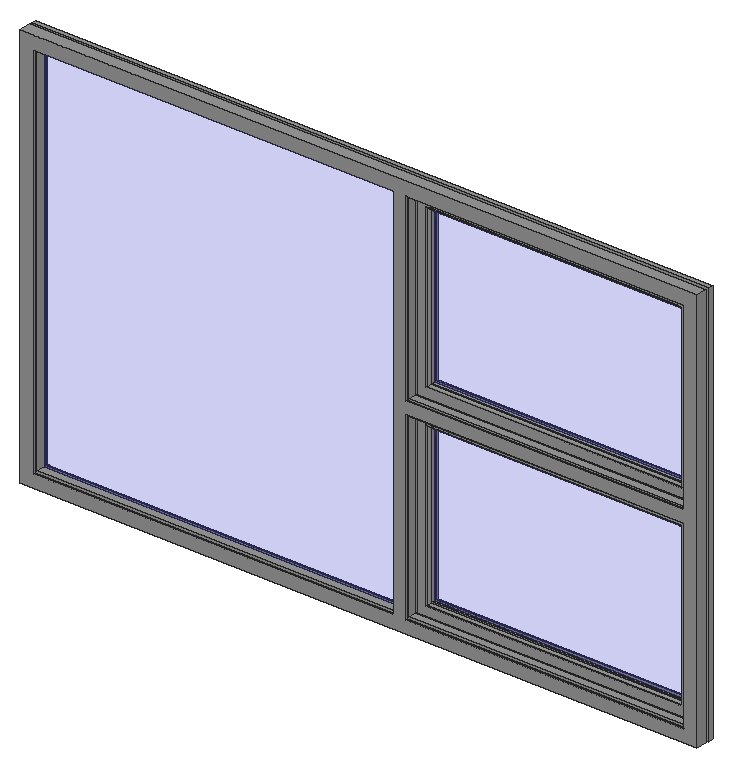
Revit family "MG20 LH", category Windows, host Wall, Revit 2015
Parameters (values of type "MG20 LH")
  Sash Width = 900 mm
  Sash Height = 622 mm
  Height = 1200 mm
  Default Lintel Height = 2100 mm
  Wall Closure = By host
  Width = 2000 mm
Reference planes
  plane 1 "Center (Front/Back)": y = 0
  plane 2 "Center (Left/Right)": x = 0
  plane 3 "Left": x = -1000
  plane 4 "Right": x = 1000
  plane 5 "Sill": z = 900
  plane 6 "Head": z = 2100
  plane 7 "Exterior": y = 100
  plane 8 "Interior": y = -100
  plane 9: y = -28.5
  plane 10: y = 23.5
  plane 11: z = 1478
  plane 12: x = 100
Forms (mm)
  Sweep 1, solid, material "Lauan, Meranti"
    path origin (0, 100, 0) x (1, 0, 0) y (0, 0, 1)
      loop
        line (1000, 2100) -> (-1000, 2100) -> (-1000, 900) -> (1000, 900) -> (1000, 2100)
    profile origin (0, 100, 2100) x (0, 0, -1) y (0, -1, 0)
      loop
        line (0, 71.5) -> (29, 71.5) -> (29, 96.5) -> (37.5, 96.5) -> (37.5, 102.5) -> (40.5, 102.5) -> (40.5, 96.5) -> (44, 96.5) -> (44, 122.5) -> (39, 122.5) -> (39, 128.5) -> (0, 128.5) -> (0, 94.5) -> (10, 94.5) -> (10, 86.5) -> (0, 86.5) -> (0, 71.5)
  Extrusion 2, solid, material "Lauan, Meranti"
    sketch origin (212.612, 0, 1139) x (0, -1, 0) y (0, 0, 1)
      loop
        line (28.5, 344) -> (28.5, 378) -> (22.5, 378) -> (22.5, 383) -> (-3.5, 383) -> (-3.5, 379.5) -> (2.5, 379.5) -> (2.5, 376.5) -> (-3.5, 376.5) -> (-3.5, 368) -> (-28.5, 368) -> (-28.5, 354) -> (-3.5, 354) -> (-3.5, 345.5) -> (2.5, 345.5) -> (2.5, 342.5) -> (-3.5, 342.5) -> (-3.5, 339) -> (22.5, 339) -> (22.5, 344) -> (28.5, 344)
    from -758.388 to 83.612
  Extrusion 3, solid, material "Lauan, Meranti"
    sketch origin (122, 0, -21.001) x (-1, 0, 0) y (0, -1, 0)
      loop
        line (22, 22.5) -> (17, 22.5) -> (17, 28.5) -> (-17, 28.5) -> (-17, 22.5) -> (-22, 22.5) -> (-22, -3.5) -> (-18.5, -3.5) -> (-18.5, 2.5) -> (-15.5, 2.5) -> (-15.5, -3.5) -> (-7, -3.5) -> (-7, -28.5) -> (7, -28.5) -> (7, -3.5) -> (15.5, -3.5) -> (15.5, 2.5) -> (18.5, 2.5) -> (18.5, -3.5) -> (22, -3.5) -> (22, 22.5)
    from 950.001 to 2092.001
  Sweep 4, solid, material "Rubber"
    path origin (10500, 23.5, 2100) x (0, 0, -1) y (-1, 0, 0)
      loop
        line (29, 10371) -> (29, 9529) -> (593, 9529) -> (593, 10371) -> (29, 10371)
    profile origin (550, 23.5, 2071) x (0, 0, -1) y (0, 1, 0)
      loop
        line (5, -17) -> (5, -20) -> (9, -20) -> (9, -22.43) -> (8, -22.43) -> (9, -22.698) -> (9, -24.464) -> (8, -24.464) -> (10, -25) -> (12, -24.464) -> (11, -24.464) -> (11, -22.698) -> (12, -22.43) -> (11, -22.43) -> (11, -20) -> (15, -20) -> (15, -17) -> (10, -15) -> (5, -17)
  Sweep 5, solid, material "Rubber"
    path origin (10500, 23.5, 1522) x (0, 0, -1) y (-1, 0, 0)
      loop
        line (29, 10371) -> (29, 9529) -> (593, 9529) -> (593, 10371) -> (29, 10371)
    profile origin (550, 23.5, 1493) x (0, 0, -1) y (0, 1, 0)
      loop
        line (5, -17) -> (5, -20) -> (9, -20) -> (9, -22.43) -> (8, -22.43) -> (9, -22.698) -> (9, -24.464) -> (8, -24.464) -> (10, -25) -> (12, -24.464) -> (11, -24.464) -> (11, -22.698) -> (12, -22.43) -> (11, -22.43) -> (11, -20) -> (15, -20) -> (15, -17) -> (10, -15) -> (5, -17)
  Sweep 6, solid, material "Lauan, Meranti"
    path origin (10500, 23.5, 2100) x (0, 0, -1) y (-1, 0, 0)
      loop
        line (29, 10371) -> (29, 9529) -> (593, 9529) -> (593, 10371) -> (29, 10371)
    profile origin (550, 23.5, 2071) x (0, 0, -1) y (0, 1, 0)
      loop
        line (-5, 5) -> (12, 5) -> (12, -2) -> (14, -2.536) -> (14, -7.464) -> (12, -8) -> (12, -13) -> (10, -13) -> (10, -17) -> (43, -17) -> (43, -14)
        arc (43, -14) -> (47.243, -12.243) -> (49, -8) r 6
        line (49, -8) -> (52, -8) -> (52, 0) -> (43, 0) -> (43, 25) -> (1, 25)
        arc (1, 25) -> (-3.242, 23.243) -> (-5, 19) r 6
        line (-5, 19) -> (-5, 5)
  Sweep 7, solid, material "Lauan, Meranti"
    path origin (10500, 23.5, 1522) x (0, 0, -1) y (-1, 0, 0)
      loop
        line (29, 10371) -> (29, 9529) -> (593, 9529) -> (593, 10371) -> (29, 10371)
    profile origin (550, 23.5, 1493) x (0, 0, -1) y (0, 1, 0)
      loop
        line (-5, 5) -> (12, 5) -> (12, -2) -> (14, -2.536) -> (14, -7.464) -> (12, -8) -> (12, -13) -> (10, -13) -> (10, -17) -> (43, -17) -> (43, -14)
        arc (43, -14) -> (47.243, -12.243) -> (49, -8) r 6
        line (49, -8) -> (52, -8) -> (52, 0) -> (43, 0) -> (43, 25) -> (1, 25)
        arc (1, 25) -> (-3.242, 23.243) -> (-5, 19) r 6
        line (-5, 19) -> (-5, 5)
  Extrusion 8, solid, material "Glass"
    sketch origin (10500, 23.5, 2100) x (0, 0, -1) y (-1, 0, 0)
      loop
        line (72, 10328) -> (72, 9572) -> (550, 9572) -> (550, 10328) -> (72, 10328)
      loop
        line (650.013, 10327.988) -> (650.013, 9572) -> (1128, 9572) -> (1128, 10327.988) -> (650.013, 10327.988)
    from 0 to 6.4
  Sweep 9, solid, material "Lauan, Meranti"
    path origin (10500, 23.5, 2100) x (0, 0, -1) y (-1, 0, 0)
      loop
        line (72, 10328) -> (72, 9572) -> (550, 9572) -> (550, 10328) -> (72, 10328)
    profile origin (550, 23.5, 2028) x (0, 0, -1) y (0, 1, 0)
      loop
        line (0, 14.4) -> (0, 6.4) -> (9, 6.4) -> (9, 8.4) -> (7, 8.4)
        arc (7, 8.4) -> (4.67, 12.766) -> (0, 14.4) r 6.807
  Sweep 10, solid, material "Lauan, Meranti"
    path origin (10500, 23.5, 1522) x (0, 0, -1) y (-1, 0, 0)
      loop
        line (72, 10328) -> (72, 9572) -> (550, 9572) -> (550, 10328) -> (72, 10328)
    profile origin (550, 23.5, 1450) x (0, 0, -1) y (0, 1, 0)
      loop
        line (0, 14.4) -> (0, 6.4) -> (9, 6.4) -> (9, 8.4) -> (7, 8.4)
        arc (7, 8.4) -> (4.67, 12.766) -> (0, 14.4) r 6.807
  Extrusion 11, solid, material "Glass"
    sketch origin (-10500, 3.5, 2100) x (0, 0, -1) y (-1, 0, 0)
      loop
        line (29, -10615) -> (1171, -10615) -> (1171, -9529) -> (29, -9529) -> (29, -10615)
    from 0 to 6.4
  Sweep 12, solid, material "Lauan, Meranti"
    path origin (-10500, 23.5, 2100) x (0, 0, -1) y (-1, 0, 0)
      loop
        line (29, -10615) -> (1171, -10615) -> (1171, -9529) -> (29, -9529) -> (29, -10615)
    profile origin (-428, 23.5, 2071) x (0, 0, 1) y (0, 1, 0)
      loop
        line (0, 1.4) -> (-3, 1.4)
        arc (-3, 1.4) -> (-10.071, -1.529) -> (-13, -8.6) r 10
        line (-13, -8.6) -> (-15, -8.6) -> (-15, -13.6) -> (0, -13.6) -> (0, 1.4)
Cuts and joins
  joined: Sweep 1, Extrusion 2, Extrusion 3
Lines and regions (mm)
  Opening 1
    outline origin (3500, -100, 0) x (1, 0, 0) y (0, 0, 1)
      loop
        line (-2500, 900) -> (-2500, 2100) -> (-4500, 2100) -> (-4500, 900) -> (-2500, 900)
  model lines
    curve 1: line (550, 48.5, 924) -> (123.92, 48.5, 1498.082)
    curve 2: line (976, 48.5, 1498) -> (550, 48.5, 924)
    curve 3: line (976, 48.5, 2076) -> (550, 48.5, 1502)
    curve 4: line (550, 48.5, 1502) -> (123.92, 48.5, 2076.082)
Text (mm)
  text "EXTERIOR" at (-1963.203, 1332.353, 0), in view "Ref. Level"
  text "INTERIOR" at (-1981.466, -818.386, 0), in view "Ref. Level"
  text "Exterior" at (0, 923.751, 2943.296), in view "Right"
  text "Exterior" at (0, 1040.484, 2685.409), in view "Left"
Dimensions and locks
  equal spacing: plane 3 "Left", plane 2 "Center (Left/Right)", plane 4 "Right"
  "Width": plane 3 "Left" to plane 4 "Right"
  "Height": plane 5 "Sill" to plane 6 "Head"
  "Default Lintel Height": plane 6 "Head" to level
  locked: plane 7 "Exterior" to host wall at 0
  locked: plane 8 "Interior" to host wall
  locked: plane 10 to plane 9 at 52
  "Sash Height": plane 11 to plane 6 "Head"
  "Sash Width": plane 12 to plane 4 "Right"
  aligned and locked: Sweep 1 sketch curve to host wall  (x4)
  aligned and locked: Extrusion 3 to Extrusion 2
  aligned and locked: Sweep 4 sketch curve to Extrusion 3  (x2)
  aligned and locked: Extrusion 2 to Sweep 4 sketch curve
  aligned and locked: Sweep 4 sketch curve to Extrusion 2
  aligned and locked: Extrusion 2 to Sweep 5 sketch curve
  aligned and locked: Sweep 5 sketch curve to Extrusion 3
  aligned and locked: Sweep 6 sketch curve to Extrusion 3  (x2)
  aligned and locked: Extrusion 2 to Sweep 6 sketch curve
  aligned and locked: Sweep 6 sketch curve to Extrusion 2
  aligned and locked: Extrusion 2 to Sweep 7 sketch curve
  aligned and locked: Sweep 7 sketch curve to Extrusion 2
  aligned and locked: Sweep 6 to Extrusion 8 sketch curve  (x2)
  aligned and locked: Extrusion 8 sketch curve to Sweep 6  (x2)
  aligned and locked: Extrusion 8 sketch curve to Sweep 7  (x3)
  aligned and locked: Sweep 7 to Extrusion 8 sketch curve
  aligned and locked: Sweep 6 to Sweep 9 sketch curve  (x2)
  aligned and locked: Sweep 9 sketch curve to Sweep 6  (x2)
  aligned and locked: Sweep 7 to Sweep 10 sketch curve  (x2)
  aligned and locked: Sweep 10 sketch curve to Sweep 7  (x2)
  aligned and locked: Extrusion 3 to Extrusion 11 sketch curve
  aligned and locked: Extrusion 3 to Sweep 12 sketch curve
  aligned and locked: Sweep 1 to Extrusion 11 sketch curve
  aligned and locked: Extrusion 11 sketch curve to Sweep 1  (x2)
  aligned and locked: Sweep 5 sketch curve to Sweep 1  (x2)
  aligned and locked: Sweep 1 to Sweep 12 sketch curve
  aligned and locked: Sweep 12 sketch curve to Sweep 1  (x2)
  aligned and locked: Sweep 7 sketch curve to Sweep 1  (x2)
Automatic sketch dimensions
  plane 3 "Left" to Opening 1 sketch curve = 0 mm
  plane 4 "Right" to Opening 1 sketch curve = 0 mm
  Opening 1 sketch curve to plane 5 "Sill" = 0 mm
  Opening 1 sketch curve to plane 6 "Head" = 0 mm
  Sweep 1 sketch curve to profile plane = 0 mm  (x2)
  Sweep 1 sketch curve to profile plane = 10 mm
  Sweep 1 sketch curve to Sweep 1 sketch curve = 19 mm
  Sweep 1 sketch curve to Sweep 1 sketch curve = 8.5 mm
  Sweep 1 sketch curve to Sweep 1 sketch curve = 1.5 mm
  Sweep 1 sketch curve to Sweep 1 sketch curve = 3 mm
  Sweep 1 sketch curve to Sweep 1 sketch curve = 3.5 mm
  plane 7 "Exterior" to Sweep 1 sketch curve = 71.5 mm
  Sweep 1 sketch curve to Sweep 1 sketch curve = 15 mm
  Sweep 1 sketch curve to Sweep 1 sketch curve = 8 mm
  Sweep 1 sketch curve to Sweep 1 sketch curve = 25 mm
  Sweep 1 sketch curve to Sweep 1 sketch curve = 0 mm
  Sweep 1 sketch curve to Sweep 1 sketch curve = 6 mm
  Sweep 1 sketch curve to Sweep 1 sketch curve = 20 mm
  Sweep 1 sketch curve to Sweep 1 sketch curve = 34 mm
  curve 2 to plane 5 "Sill" = 24 mm
  plane 4 "Right" to curve 2 = 450 mm
  curve 4 to plane 11 = 24 mm
  plane 4 "Right" to curve 4 = 450 mm
  curve 4 to plane 12 = 23.92 mm
  curve 1 to plane 12 = 23.92 mm
  plane 4 "Right" to curve 3 = 24 mm
  plane 4 "Right" to curve 2 = 24 mm
  curve 2 to plane 11 = 20 mm
  curve 1 to plane 11 = 20.082 mm
  plane 6 "Head" to curve 3 = 24 mm
  plane 6 "Head" to curve 4 = 23.918 mm
  plane 11 to Extrusion 2 sketch curve = 0 mm
  Extrusion 2 sketch curve to plane 9 = 0 mm
  plane 9 to Extrusion 2 sketch curve = 6 mm  (x2)
  host wall to Extrusion 2 sketch curve = 2.5 mm  (x2)
  Extrusion 2 sketch curve to host wall = 3.5 mm  (x3)
  Extrusion 2 sketch curve to Extrusion 2 sketch curve = 0 mm
  plane 10 to Extrusion 2 sketch curve = 5 mm
  Extrusion 2 sketch curve to plane 11 = 3.5 mm
  Extrusion 2 sketch curve to plane 11 = 5 mm
  Extrusion 2 sketch curve to Extrusion 2 sketch curve = 3 mm  (x2)
  Extrusion 2 sketch curve to plane 11 = 15 mm
  Extrusion 2 sketch curve to Extrusion 2 sketch curve = 14 mm
  Extrusion 2 sketch curve to Extrusion 2 sketch curve = 8.5 mm
  Extrusion 2 sketch curve to Extrusion 2 sketch curve = 1.5 mm
  Extrusion 2 sketch curve to Extrusion 2 sketch curve = 5 mm
  Extrusion 3 sketch curve to plane 9 = 0 mm
  Extrusion 3 sketch curve to plane 12 = 0 mm
  Extrusion 3 sketch curve to Extrusion 3 sketch curve = 3.5 mm  (x2)
  Extrusion 3 sketch curve to Extrusion 3 sketch curve = 5 mm
  Extrusion 3 sketch curve to Extrusion 3 sketch curve = 3 mm  (x2)
  plane 10 to Extrusion 3 sketch curve = 5 mm
  Extrusion 3 sketch curve to plane 12 = 15 mm
  Extrusion 3 sketch curve to Extrusion 3 sketch curve = 14 mm
  host wall to Extrusion 3 sketch curve = 2.5 mm  (x2)
  Extrusion 3 sketch curve to Extrusion 3 sketch curve = 8.5 mm
  Extrusion 3 sketch curve to Extrusion 3 sketch curve = 1.5 mm
  Extrusion 3 sketch curve to host wall = 3.5 mm  (x2)
  Extrusion 3 sketch curve to Extrusion 3 sketch curve = 0 mm  (x2)
  plane 9 to Extrusion 3 sketch curve = 6 mm  (x2)
  Sweep 4 sketch curve to profile plane = 5 mm
  Sweep 4 sketch curve to Sweep 4 sketch curve = 3 mm  (x4)
  Sweep 4 sketch curve to Sweep 4 sketch curve = 0 mm  (x2)
  Sweep 4 sketch curve to Sweep 4 sketch curve = 1 mm  (x7)
  Sweep 4 sketch curve to Sweep 4 sketch curve = 2 mm
  Sweep 4 sketch curve to profile plane = 25 mm
  Sweep 4 sketch curve to Sweep 4 sketch curve = 0.536 mm  (x2)
  Sweep 4 sketch curve to Sweep 4 sketch curve = 1.766 mm  (x2)
  Sweep 4 sketch curve to Sweep 4 sketch curve = 0.268 mm  (x2)
  Sweep 4 sketch curve to Sweep 4 sketch curve = 2.43 mm
  Sweep 4 sketch curve to Sweep 4 sketch curve = 5 mm
  Sweep 5 sketch curve to profile plane = 5 mm
  Sweep 5 sketch curve to Sweep 5 sketch curve = 3 mm  (x4)
  Sweep 5 sketch curve to Sweep 5 sketch curve = 0 mm  (x2)
  Sweep 5 sketch curve to Sweep 5 sketch curve = 1 mm  (x7)
  Sweep 5 sketch curve to Sweep 5 sketch curve = 2 mm
  Sweep 5 sketch curve to profile plane = 25 mm
  Sweep 5 sketch curve to Sweep 5 sketch curve = 0.536 mm  (x2)
  Sweep 5 sketch curve to Sweep 5 sketch curve = 1.766 mm  (x2)
  Sweep 5 sketch curve to Sweep 5 sketch curve = 0.268 mm  (x2)
  Sweep 5 sketch curve to Sweep 5 sketch curve = 2.43 mm
  Sweep 5 sketch curve to Sweep 5 sketch curve = 5 mm
  Sweep 6 sketch curve to profile plane = 0 mm
  profile plane to Sweep 6 sketch curve = 5 mm  (x2)
  Sweep 6 sketch curve to profile plane = 1 mm
  Sweep 6 sketch curve to profile plane = 10 mm
  Sweep 6 sketch curve to profile plane = 2 mm
  Sweep 6 sketch curve to Sweep 6 sketch curve = 2 mm  (x3)
  Sweep 6 sketch curve to Sweep 6 sketch curve = 29 mm
  Sweep 6 sketch curve to Sweep 6 sketch curve = 0 mm
  Sweep 6 sketch curve to Sweep 6 sketch curve = 6 mm
  Sweep 6 sketch curve to Sweep 6 sketch curve = 3 mm  (x2)
  Sweep 6 sketch curve to Sweep 6 sketch curve = 0.536 mm  (x2)
  Sweep 6 sketch curve to Sweep 6 sketch curve = 4.928 mm
  Sweep 6 sketch curve to Sweep 6 sketch curve = 8 mm
  Sweep 6 sketch curve to Sweep 6 sketch curve = 5 mm
  Sweep 6 sketch curve to Sweep 6 sketch curve = 14 mm
  Sweep 7 sketch curve to profile plane = 0 mm
  profile plane to Sweep 7 sketch curve = 5 mm  (x2)
  Sweep 7 sketch curve to profile plane = 1 mm
  Sweep 7 sketch curve to profile plane = 10 mm
  Sweep 7 sketch curve to profile plane = 2 mm
  Sweep 7 sketch curve to Sweep 7 sketch curve = 2 mm  (x3)
  Sweep 7 sketch curve to Sweep 7 sketch curve = 29 mm
  Sweep 7 sketch curve to Sweep 7 sketch curve = 0 mm
  Sweep 7 sketch curve to Sweep 7 sketch curve = 6 mm
  Sweep 7 sketch curve to Sweep 7 sketch curve = 3 mm  (x2)
  Sweep 7 sketch curve to Sweep 7 sketch curve = 0.536 mm  (x2)
  Sweep 7 sketch curve to Sweep 7 sketch curve = 4.928 mm
  Sweep 7 sketch curve to Sweep 7 sketch curve = 8 mm
  Sweep 7 sketch curve to Sweep 7 sketch curve = 5 mm
  Sweep 7 sketch curve to Sweep 7 sketch curve = 14 mm
  Sweep 9 sketch curve to profile plane = 0 mm
  Sweep 9 sketch curve to profile plane = 0.241 mm
  Sweep 9 sketch curve to Sweep 9 sketch curve = 6.759 mm
  Sweep 9 sketch curve to Sweep 9 sketch curve = 2 mm  (x2)
  profile plane to Sweep 9 sketch curve = 6.4 mm
  Sweep 9 sketch curve to Sweep 9 sketch curve = 1.197 mm
  Sweep 10 sketch curve to profile plane = 0 mm
  Sweep 10 sketch curve to profile plane = 0.241 mm
  Sweep 10 sketch curve to Sweep 10 sketch curve = 6.759 mm
  Sweep 10 sketch curve to Sweep 10 sketch curve = 2 mm  (x2)
  profile plane to Sweep 10 sketch curve = 6.4 mm
  Sweep 10 sketch curve to Sweep 10 sketch curve = 1.197 mm
  profile plane to Sweep 12 sketch curve = 0 mm
  profile plane to Sweep 12 sketch curve = 1.4 mm
  profile plane to Sweep 12 sketch curve = 3 mm
  Sweep 12 sketch curve to profile plane = 8.6 mm
  Sweep 12 sketch curve to Sweep 12 sketch curve = 2 mm
  Sweep 12 sketch curve to Sweep 12 sketch curve = 5 mm
